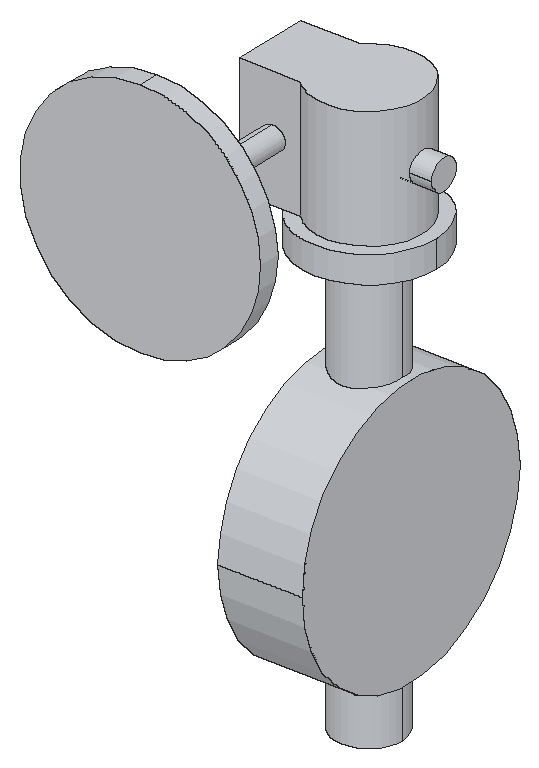
Revit family "HS497-67_disk-litina-převodové kolo DN125-RFA_2019", category Pipe Accessories, Revit 2019
Family settings
  Round Connector Dimension = Use Diameter
  Part Type = Valve - Breaks Into
  Work Plane-Based = No
  Always vertical = Yes
  Cut with Voids When Loaded = No
  Shared = No
Parameters (values of type "HS 497-67_DN125_PN16_převodové kolo")
  magiProductId = "c56b7c13f372467684996fb1e0e229"
  magiProductFamilyId = "53cea81e6f374d17b8841d9c72ad77"
  magiPartTypeId = 305
  isMeasuringValve [instance] = no
  ang2D [instance] = 0.00°
  X11 = 61.456 mm
  X1 = 25.456 mm
  W2D = 1000 mm
  VersionID = "2.0/2017.9.26.1/ZETKAMA_497_001"
  Use Minimum Symbol Size [instance] = yes
  URL = "http://www.hydronic.cz"
  Type Comments = "mezipřírubová; litinový disk; PN16; -10~+110°C (krátkodobě +120°C)"
  SW30 = yes
  SW3 = yes
  SW21 = no
  SW20 = no
  SW2 = no
  SW1 = no
  R = 62.5 mm
  QmdConnectorList = "301;D;302;D"
  Productdata [instance] = ""
  NC = 50 mm
  Model = ""
  Manufacturer = "Hydronic Systems Prague s.r.o."
  MM20 = 25.456 mm
  MC Product Code = "125 125 (litinový disk, s převodovým kolem; DN125; PN16, kvs872)"
  M41 = 65.25 mm
  M4 = 43.5 mm
  LHL = 220 mm
  LHH3 = 2.45 mm
  LHH1 = 46.55 mm
  LH1 = 73.333 mm
  L4R__ve = -L4R  # -13.5 mm
  L4R = 13.5 mm
  L42__ve = -L42  # -101.25 mm
  L42 = 101.25 mm
  L41__ve = -L41  # -20.25 mm
  L41 = 20.25 mm
  L2D_Min = 3048 mm
  L2D = 216 mm
  L2 = 28 mm
  L1 = 44.8 mm
  L = 56 mm
  H = 33 mm
  G22 = 11.25 mm
  G2 = 22.5 mm
  G1 = 90 mm
  G = 90 mm
  F = 14 mm
  E44 = 40 mm
  E42 = 80 mm
  E4 = 160 mm
  E23 = 4.9 mm
  E22 = 19.6 mm
  E21 = 9.8 mm
  Description = "Mezipřírubová uzavírací klapka s převodovým kolem; litinový disk, DN125; PN16; kvs872"
  DR2 = 62.5 mm
  DR = 180 mm
  DD1 = 20 mm
  DD = 16 mm
  D = 125 mm
  CAT0 = yes
  B2__ve = -B2  # -64 mm
  B2 = 64 mm
  A2 = 18 mm
  A1 = 99.5 mm
Types (43, lengths in mm): name | magiProductId | X11 | X1 | Type Comments | SW30 | SW3 | SW20 | SW2 | SW1 | R | NC | MM20 | MC Product Code | M41 | M4 | LHL | LHH3 | LHH1 | LH1 | L4R__ve | L4R | L42__ve | L42 | L41__ve | L41 | L2 | L1 | L | H | G | F | E44 | E42 | E4 | E23 | E22 | E21 | Description | DR2 | DR | DD1 | DD | D | B2__ve | B2 | A2 | A1
  HS 497-67_DN100_PN16_volné vřeteno | "65d1b245f4f142c78569c0602d5754" | 61.456 | 25.456 | "mezipřírubová; litinový disk; PN16; -10~+110°C (krátkodobě +120°C)" | no | no | no | no | yes | 50 | 50 | 25.456 | "123 100 (litinový disk, s volným vřetenem; DN100; PN16, kvs512)" | 66 | 44 | 220 | 2.45 | 46.55 | 73.333 | -12.8 | 12.8 | -96 | 96 | -19.2 | 19.2 | 26 | 41.6 | 52 | 30 | 90 | 11 | 31.25 | 62.5 | 125 | 4.9 | 19.6 | 9.8 | "Mezipřírubová uzavírací klapka s volným vřetenem; litinový disk, DN100; PN16; kvs512" | 50 | 147 | 15.625 | 12.5 | 100 | -56 | 56 | 16.5 | 98.5
  HS 497-67_DN100_PN16_převodové kolo | "11e91b807e674d428c8e796fcdcfe2" | 61.456 | 25.456 | "mezipřírubová; litinový disk; PN16; -10~+110°C (krátkodobě +120°C)" | yes | yes | no | no | no | 50 | 50 | 25.456 | "125 100 (litinový disk, s převodovým kolem; DN100; PN16, kvs512)" | 65.25 | 43.5 | 220 | 2.45 | 46.55 | 73.333 | -12.8 | 12.8 | -96 | 96 | -19.2 | 19.2 | 26 | 41.6 | 52 | 30 | 90 | 11 | 31.25 | 62.5 | 125 | 4.9 | 19.6 | 9.8 | "Mezipřírubová uzavírací klapka s převodovým kolem; litinový disk, DN100; PN16; kvs512" | 50 | 147 | 15.625 | 12.5 | 100 | -56 | 56 | 16.5 | 98.5
  HS 497-67_DN100_PN16_s pákou | "28172f0b3f4b47b28323ac71cf8749" | 61.456 | 25.456 | "mezipřírubová; litinový disk; PN16; -10~+110°C (krátkodobě +120°C)" | no | no | yes | yes | no | 50 | 50 | 25.456 | "120 100 (litinový disk, s pákou; DN100; PN16, kvs512)" | 66 | 44 | 260 | 3 | 57 | 86.667 | -12.8 | 12.8 | -96 | 96 | -19.2 | 19.2 | 26 | 41.6 | 52 | 30 | 90 | 11 | 31.25 | 62.5 | 125 | 6 | 24 | 12 | "Mezipřírubová uzavírací klapka s pákou; litinový disk, DN100; PN16; kvs512" | 50 | 147 | 15.625 | 12.5 | 100 | -56 | 56 | 16.5 | 98.5
  HS 497-67_DN125_PN16_volné vřeteno | "0d813d910fc14f628bb3c2efbd185c" | 61.456 | 25.456 | "mezipřírubová; litinový disk; PN16; -10~+110°C (krátkodobě +120°C)" | no | no | no | no | yes | 62.5 | 50 | 25.456 | "123 125 (litinový disk, s volným vřetenem; DN125; PN16, kvs872)" | 66 | 44 | 220 | 2.45 | 46.55 | 73.333 | -12.8 | 12.8 | -96 | 96 | -19.2 | 19.2 | 28 | 44.8 | 56 | 33 | 90 | 14 | 31.25 | 62.5 | 125 | 4.9 | 19.6 | 9.8 | "Mezipřírubová uzavírací klapka s volným vřetenem; litinový disk, DN125; PN16; kvs872" | 62.5 | 180 | 15.625 | 12.5 | 125 | -64 | 64 | 18 | 99.5
  HS 497-67_DN125_PN16_převodové kolo | "c56b7c13f372467684996fb1e0e229" | 61.456 | 25.456 | "mezipřírubová; litinový disk; PN16; -10~+110°C (krátkodobě +120°C)" | yes | yes | no | no | no | 62.5 | 50 | 25.456 | "125 125 (litinový disk, s převodovým kolem; DN125; PN16, kvs872)" | 65.25 | 43.5 | 220 | 2.45 | 46.55 | 73.333 | -13.5 | 13.5 | -101.25 | 101.25 | -20.25 | 20.25 | 28 | 44.8 | 56 | 33 | 90 | 14 | 40 | 80 | 160 | 4.9 | 19.6 | 9.8 | "Mezipřírubová uzavírací klapka s převodovým kolem; litinový disk, DN125; PN16; kvs872" | 62.5 | 180 | 20 | 16 | 125 | -64 | 64 | 18 | 99.5
  HS 497-67_DN125_PN16_s pákou | "105993c79a91492399feef7931321a" | 61.456 | 25.456 | "mezipřírubová; litinový disk; PN16; -10~+110°C (krátkodobě +120°C)" | no | no | yes | yes | no | 62.5 | 50 | 25.456 | "120 125 (litinový disk, s pákou; DN125; PN16, kvs872)" | 66 | 44 | 315 | 3.75 | 71.25 | 105 | -12.8 | 12.8 | -96 | 96 | -19.2 | 19.2 | 28 | 44.8 | 56 | 33 | 90 | 14 | 31.25 | 62.5 | 125 | 7.5 | 30 | 15 | "Mezipřírubová uzavírací klapka s pákou; litinový disk, DN125; PN16; kvs872" | 62.5 | 180 | 15.625 | 12.5 | 125 | -64 | 64 | 18 | 99.5
  HS 497-67_DN150_PN16_volné vřeteno | "50c80cb8ab434f55ab7796e5ac1331" | 61.456 | 25.456 | "mezipřírubová; litinový disk; PN16; -10~+110°C (krátkodobě +120°C)" | no | no | no | no | yes | 75 | 50 | 25.456 | "123 150 (litinový disk, s volným vřetenem; DN150; PN16, kvs1347)" | 66 | 44 | 220 | 2.45 | 46.55 | 73.333 | -12.8 | 12.8 | -96 | 96 | -19.2 | 19.2 | 28 | 44.8 | 56 | 33 | 90 | 14 | 31.25 | 62.5 | 125 | 4.9 | 19.6 | 9.8 | "Mezipřírubová uzavírací klapka s volným vřetenem; litinový disk, DN150; PN16; kvs1347" | 75 | 206 | 15.625 | 12.5 | 150 | -58 | 58 | 19.3 | 98.7
  HS 497-67_DN150_PN16_převodové kolo | "d94a1a0cf83b476eb10011b327f709" | 61.456 | 25.456 | "mezipřírubová; litinový disk; PN16; -10~+110°C (krátkodobě +120°C)" | yes | yes | no | no | no | 75 | 50 | 25.456 | "125 150 (litinový disk, s převodovým kolem; DN150; PN16, kvs1347)" | 65.25 | 43.5 | 220 | 2.45 | 46.55 | 73.333 | -13.5 | 13.5 | -101.25 | 101.25 | -20.25 | 20.25 | 28 | 44.8 | 56 | 33 | 90 | 14 | 40 | 80 | 160 | 4.9 | 19.6 | 9.8 | "Mezipřírubová uzavírací klapka s převodovým kolem; litinový disk, DN150; PN16; kvs1347" | 75 | 206 | 20 | 16 | 150 | -58 | 58 | 19.3 | 98.7
  HS 497-67_DN150_PN16_s pákou | "4d2835523fe84828bc50ff0a5a0dfb" | 61.456 | 25.456 | "mezipřírubová; litinový disk; PN16; -10~+110°C (krátkodobě +120°C)" | no | no | yes | yes | no | 75 | 50 | 25.456 | "120 150 (litinový disk, s pákou; DN150; PN16, kvs1347)" | 66 | 44 | 315 | 3.75 | 71.25 | 105 | -12.8 | 12.8 | -96 | 96 | -19.2 | 19.2 | 28 | 44.8 | 56 | 33 | 90 | 14 | 31.25 | 62.5 | 125 | 7.5 | 30 | 15 | "Mezipřírubová uzavírací klapka s pákou; litinový disk, DN150; PN16; kvs1347" | 75 | 206 | 15.625 | 12.5 | 150 | -58 | 58 | 19.3 | 98.7
  HS 497-67_DN200_PN16_volné vřeteno | "5b29029eaeba47139ee1055a4b9201" | 61.456 | 25.456 | "mezipřírubová; litinový disk; PN16; -10~+110°C (krátkodobě +120°C)" | no | no | no | no | yes | 100 | 50 | 25.456 | "123 200 (litinový disk, s volným vřetenem; DN200; PN16, kvs2675)" | 66 | 44 | 220 | 2.45 | 46.55 | 73.333 | -12.8 | 12.8 | -96 | 96 | -19.2 | 19.2 | 30 | 48 | 60 | 33 | 90 | 17 | 31.25 | 62.5 | 125 | 4.9 | 19.6 | 9.8 | "Mezipřírubová uzavírací klapka s volným vřetenem; litinový disk, DN200; PN16; kvs2675" | 100 | 257 | 15.625 | 12.5 | 200 | -70 | 70 | 22.5 | 102.5
  HS 497-67_DN200_PN16_převodové kolo | "b2793cc1fcc44cf2a35062cd67c04f" | 61.456 | 25.456 | "mezipřírubová; litinový disk; PN16; -10~+110°C (krátkodobě +120°C)" | yes | yes | no | no | no | 100 | 57 | 25.456 | "125 200 (litinový disk, s převodovým kolem; DN200; PN16, kvs2675)" | 78.75 | 52.5 | 220 | 2.45 | 46.55 | 73.333 | -15.2 | 15.2 | -114 | 114 | -22.8 | 22.8 | 30 | 48 | 60 | 33 | 90 | 17 | 50 | 100 | 200 | 4.9 | 19.6 | 9.8 | "Mezipřírubová uzavírací klapka s převodovým kolem; litinový disk, DN200; PN16; kvs2675" | 100 | 257 | 25 | 20 | 200 | -70 | 70 | 22.5 | 102.5
  HS 497-67_DN200_PN16_s pákou | "f88d96c7af224537a51e72d7d8fffe" | 61.456 | 25.456 | "mezipřírubová; litinový disk; PN16; -10~+110°C (krátkodobě +120°C)" | no | no | yes | yes | no | 100 | 50 | 25.456 | "120 200 (litinový disk, s pákou; DN200; PN16, kvs2675)" | 66 | 44 | 315 | 3.75 | 71.25 | 105 | -12.8 | 12.8 | -96 | 96 | -19.2 | 19.2 | 30 | 48 | 60 | 33 | 90 | 17 | 31.25 | 62.5 | 125 | 7.5 | 30 | 15 | "Mezipřírubová uzavírací klapka s pákou; litinový disk, DN200; PN16; kvs2675" | 100 | 257 | 15.625 | 12.5 | 200 | -70 | 70 | 22.5 | 102.5
  HS 497-67_DN250_PN16_volné vřeteno | "b662e8305ca2402b9c510e66e6aa55" | 88.77 | 36.77 | "mezipřírubová; litinový disk; PN16; -10~+110°C (krátkodobě +120°C)" | no | no | no | no | yes | 125 | 50 | 36.77 | "123 250 (litinový disk, s volným vřetenem; DN250; PN16, kvs4555)" | 66 | 44 | 220 | 2.45 | 46.55 | 73.333 | -12.8 | 12.8 | -96 | 96 | -19.2 | 19.2 | 34 | 54.4 | 68 | 23 | 130 | 22 | 31.25 | 62.5 | 125 | 4.9 | 19.6 | 9.8 | "Mezipřírubová uzavírací klapka s volným vřetenem; litinový disk, DN250; PN16; kvs4555" | 125 | 324 | 15.625 | 12.5 | 250 | -85 | 85 | 28.25 | 129.25
  HS 497-67_DN250_PN16_převodové kolo | "5ee9016806664ddfaa2632711f295c" | 88.77 | 36.77 | "mezipřírubová; litinový disk; PN16; -10~+110°C (krátkodobě +120°C)" | yes | yes | no | no | no | 125 | 70 | 36.77 | "125 250 (litinový disk, s převodovým kolem; DN250; PN16, kvs4555)" | 91.5 | 61 | 220 | 2.45 | 46.55 | 73.333 | -22.2 | 22.2 | -166.5 | 166.5 | -33.3 | 33.3 | 34 | 54.4 | 68 | 23 | 130 | 22 | 62.5 | 125 | 250 | 4.9 | 19.6 | 9.8 | "Mezipřírubová uzavírací klapka s převodovým kolem; litinový disk, DN250; PN16; kvs4555" | 125 | 324 | 31.25 | 25 | 250 | -85 | 85 | 28.25 | 129.25
  HS 497-67_DN300_PN16_volné vřeteno | "e1886f51ff004380a649519258edf2" | 88.77 | 36.77 | "mezipřírubová; litinový disk; PN16; -10~+110°C (krátkodobě +120°C)" | no | no | no | no | yes | 150 | 50 | 36.77 | "123 300 (litinový disk, s volným vřetenem; DN300; PN16, kvs7037)" | 66 | 44 | 220 | 2.45 | 46.55 | 73.333 | -12.8 | 12.8 | -96 | 96 | -19.2 | 19.2 | 39 | 62.4 | 78 | 23 | 130 | 22 | 31.25 | 62.5 | 125 | 4.9 | 19.6 | 9.8 | "Mezipřírubová uzavírací klapka s volným vřetenem; litinový disk, DN300; PN16; kvs7037" | 150 | 376 | 15.625 | 12.5 | 300 | -90 | 90 | 30.8 | 127.2
  HS 497-67_DN300_PN16_převodové kolo | "6860f094f77d42088fbebc3c97f755" | 88.77 | 36.77 | "mezipřírubová; litinový disk; PN16; -10~+110°C (krátkodobě +120°C)" | yes | yes | no | no | no | 150 | 70 | 36.77 | "125 300 (litinový disk, s převodovým kolem; DN300; PN16, kvs7037)" | 91.5 | 61 | 220 | 2.45 | 46.55 | 73.333 | -22.2 | 22.2 | -166.5 | 166.5 | -33.3 | 33.3 | 39 | 62.4 | 78 | 23 | 130 | 22 | 62.5 | 125 | 250 | 4.9 | 19.6 | 9.8 | "Mezipřírubová uzavírací klapka s převodovým kolem; litinový disk, DN300; PN16; kvs7037" | 150 | 376 | 31.25 | 25 | 300 | -90 | 90 | 30.8 | 127.2
  HS 497-67_DN032_PN16_volné vřeteno | "8c5f65de52aa4067a77564107e31b2" | 61.456 | 25.456 | "mezipřírubová; litinový disk; PN16; -10~+110°C (krátkodobě +120°C)" | no | no | no | no | yes | 16 | 50 | 25.456 | "123 032 (litinový disk, s volným vřetenem; DN32; PN16, kvs78)" | 66 | 44 | 220 | 2.45 | 46.55 | 73.333 | -12.8 | 12.8 | -96 | 96 | -19.2 | 19.2 | 16.5 | 26.4 | 33 | 30 | 90 | 11 | 31.25 | 62.5 | 125 | 4.9 | 19.6 | 9.8 | "Mezipřírubová uzavírací klapka s volným vřetenem; litinový disk, DN32; PN16; kvs78" | 16 | 68 | 15.625 | 12.5 | 32 | -44.2 | 44.2 | 10.25 | 76.25
  HS 497-67_DN032_PN16_převodové kolo | "60aaeffa8b3a4e809ef000e4660060" | 61.456 | 25.456 | "mezipřírubová; litinový disk; PN16; -10~+110°C (krátkodobě +120°C)" | yes | yes | no | no | no | 16 | 50 | 25.456 | "125 032 (litinový disk, s převodovým kolem; DN32; PN16, kvs78)" | 65.25 | 43.5 | 220 | 2.45 | 46.55 | 73.333 | -12.8 | 12.8 | -96 | 96 | -19.2 | 19.2 | 16.5 | 26.4 | 33 | 30 | 90 | 11 | 31.25 | 62.5 | 125 | 4.9 | 19.6 | 9.8 | "Mezipřírubová uzavírací klapka s převodovým kolem; litinový disk, DN32; PN16; kvs78" | 16 | 68 | 15.625 | 12.5 | 32 | -44.2 | 44.2 | 10.25 | 76.25
  HS 497-67_DN032_PN16_s pákou | "9ad8088d610749a1b871aa2aad8007" | 61.456 | 25.456 | "mezipřírubová; litinový disk; PN16; -10~+110°C (krátkodobě +120°C)" | no | no | yes | yes | no | 16 | 50 | 25.456 | "120 032 (litinový disk, s pákou; DN32; PN16, kvs78)" | 66 | 44 | 220 | 2.45 | 46.55 | 73.333 | -12.8 | 12.8 | -96 | 96 | -19.2 | 19.2 | 16.5 | 26.4 | 33 | 30 | 90 | 11 | 31.25 | 62.5 | 125 | 4.9 | 19.6 | 9.8 | "Mezipřírubová uzavírací klapka s pákou; litinový disk, DN32; PN16; kvs78" | 16 | 68 | 15.625 | 12.5 | 32 | -44.2 | 44.2 | 10.25 | 76.25
  HS 497-67_DN350_PN10_volné vřeteno | "72a1e05f22944421b7e9596a877137" | 109.255 | 45.255 | "mezipřírubová; litinový disk; PN10; -10~+110°C (krátkodobě +120°C)" | no | no | no | no | yes | 175 | 50 | 45.255 | "123 350 (litinový disk, s volným vřetenem; DN350; PN10, kvs10165)" | 66 | 44 | 220 | 2.45 | 46.55 | 73.333 | -12.8 | 12.8 | -96 | 96 | -19.2 | 19.2 | 39 | 62.4 | 78 | 31 | 160 | 22 | 31.25 | 62.5 | 125 | 4.9 | 19.6 | 9.8 | "Mezipřírubová uzavírací klapka s volným vřetenem; litinový disk, DN350; PN10; kvs10165" | 175 | 430 | 15.625 | 12.5 | 350 | -88 | 88 | 33.85 | 129.65
  HS 497-67_DN350_PN10_převodové kolo | "a5a01426cb28494ba3afca92f1dace" | 109.255 | 45.255 | "mezipřírubová; litinový disk; PN10; -10~+110°C (krátkodobě +120°C)" | yes | yes | no | no | no | 175 | 70 | 45.255 | "125 350 (litinový disk, s převodovým kolem; DN350; PN10, kvs10165)" | 91.5 | 61 | 220 | 2.45 | 46.55 | 73.333 | -22.2 | 22.2 | -166.5 | 166.5 | -33.3 | 33.3 | 39 | 62.4 | 78 | 31 | 160 | 22 | 62.5 | 125 | 250 | 4.9 | 19.6 | 9.8 | "Mezipřírubová uzavírací klapka s převodovým kolem; litinový disk, DN350; PN10; kvs10165" | 175 | 430 | 31.25 | 25 | 350 | -88 | 88 | 33.85 | 129.65
  HS 497-67_DN400_PN10_volné vřeteno | "c70ebeb927c04ab99b176e257ad0a7" | 109.255 | 45.255 | "mezipřírubová; litinový disk; PN10; -10~+110°C (krátkodobě +120°C)" | no | no | no | no | yes | 200 | 50 | 45.255 | "123 400 (litinový disk, s volným vřetenem; DN400; PN10, kvs13799)" | 66 | 44 | 220 | 2.45 | 46.55 | 73.333 | -12.8 | 12.8 | -96 | 96 | -19.2 | 19.2 | 51 | 81.6 | 102 | 31 | 160 | 27 | 31.25 | 62.5 | 125 | 4.9 | 19.6 | 9.8 | "Mezipřírubová uzavírací klapka s volným vřetenem; litinový disk, DN400; PN10; kvs13799" | 200 | 485 | 15.625 | 12.5 | 400 | -108 | 108 | 38 | 142
  HS 497-67_DN400_PN10_převodové kolo | "cc64a4384dcb41b780d81810f4f293" | 109.255 | 45.255 | "mezipřírubová; litinový disk; PN10; -10~+110°C (krátkodobě +120°C)" | yes | yes | no | no | no | 200 | 72.5 | 45.255 | "125 400 (litinový disk, s převodovým kolem; DN400; PN10, kvs13799)" | 103.5 | 69 | 220 | 2.45 | 46.55 | 73.333 | -27.8 | 27.8 | -208.5 | 208.5 | -41.7 | 41.7 | 51 | 81.6 | 102 | 31 | 160 | 27 | 75 | 150 | 300 | 4.9 | 19.6 | 9.8 | "Mezipřírubová uzavírací klapka s převodovým kolem; litinový disk, DN400; PN10; kvs13799" | 200 | 485 | 37.5 | 30 | 400 | -108 | 108 | 38 | 142
  HS 497-67_DN040_PN16_volné vřeteno | "35f92312390745e88df5b5c325d9ee" | 61.456 | 25.456 | "mezipřírubová; litinový disk; PN16; -10~+110°C (krátkodobě +120°C)" | no | no | no | no | yes | 20 | 50 | 25.456 | "123 040 (litinový disk, s volným vřetenem; DN40; PN16, kvs78)" | 66 | 44 | 220 | 2.45 | 46.55 | 73.333 | -12.8 | 12.8 | -96 | 96 | -19.2 | 19.2 | 16.5 | 26.4 | 33 | 30 | 90 | 11 | 31.25 | 62.5 | 125 | 4.9 | 19.6 | 9.8 | "Mezipřírubová uzavírací klapka s volným vřetenem; litinový disk, DN40; PN16; kvs78" | 20 | 76 | 15.625 | 12.5 | 40 | -36 | 36 | 11 | 79
  HS 497-67_DN040_PN16_převodové kolo | "d88e968eae3445bc9b7b4e6ff35127" | 61.456 | 25.456 | "mezipřírubová; litinový disk; PN16; -10~+110°C (krátkodobě +120°C)" | yes | yes | no | no | no | 20 | 50 | 25.456 | "125 040 (litinový disk, s převodovým kolem; DN40; PN16, kvs78)" | 65.25 | 43.5 | 220 | 2.45 | 46.55 | 73.333 | -12.8 | 12.8 | -96 | 96 | -19.2 | 19.2 | 16.5 | 26.4 | 33 | 30 | 90 | 11 | 31.25 | 62.5 | 125 | 4.9 | 19.6 | 9.8 | "Mezipřírubová uzavírací klapka s převodovým kolem; litinový disk, DN40; PN16; kvs78" | 20 | 76 | 15.625 | 12.5 | 40 | -36 | 36 | 11 | 79
  HS 497-67_DN040_PN16_s pákou | "c1b522ca65b4407a98818f232eaacb" | 61.456 | 25.456 | "mezipřírubová; litinový disk; PN16; -10~+110°C (krátkodobě +120°C)" | no | no | yes | yes | no | 20 | 50 | 25.456 | "120 040 (litinový disk, s pákou; DN40; PN16, kvs78)" | 66 | 44 | 220 | 2.45 | 46.55 | 73.333 | -12.8 | 12.8 | -96 | 96 | -19.2 | 19.2 | 16.5 | 26.4 | 33 | 30 | 90 | 11 | 31.25 | 62.5 | 125 | 4.9 | 19.6 | 9.8 | "Mezipřírubová uzavírací klapka s pákou; litinový disk, DN40; PN16; kvs78" | 20 | 76 | 15.625 | 12.5 | 40 | -36 | 36 | 11 | 79
  HS 497-67_DN450_PN10_volné vřeteno | "a8358bc282f14872b3194e530e590a" | 129.74 | 53.74 | "mezipřírubová; litinový disk; PN10; -10~+110°C (krátkodobě +120°C)" | no | no | no | no | yes | 225 | 50 | 53.74 | "123 450 (litinový disk, s volným vřetenem; DN450; PN10, kvs18514)" | 66 | 44 | 220 | 2.45 | 46.55 | 73.333 | -12.8 | 12.8 | -96 | 96 | -19.2 | 19.2 | 57 | 91.2 | 114 | 38 | 190 | 36 | 31.25 | 62.5 | 125 | 4.9 | 19.6 | 9.8 | "Mezipřírubová uzavírací klapka s volným vřetenem; litinový disk, DN450; PN10; kvs18514" | 225 | 536 | 15.625 | 12.5 | 450 | -115 | 115 | 38.05 | 117.45
  HS 497-67_DN450_PN10_převodové kolo | "cdf2d80f54a9414f9cbe50647c0ebd" | 129.74 | 53.74 | "mezipřírubová; litinový disk; PN10; -10~+110°C (krátkodobě +120°C)" | yes | yes | no | no | no | 225 | 91.5 | 53.74 | "125 450 (litinový disk, s převodovým kolem; DN450; PN10, kvs18514)" | 144.75 | 96.5 | 220 | 2.45 | 46.55 | 73.333 | -32.1 | 32.1 | -240.75 | 240.75 | -48.15 | 48.15 | 57 | 91.2 | 114 | 38 | 190 | 36 | 100 | 200 | 400 | 4.9 | 19.6 | 9.8 | "Mezipřírubová uzavírací klapka s převodovým kolem; litinový disk, DN450; PN10; kvs18514" | 225 | 536 | 50 | 40 | 450 | -115 | 115 | 38.05 | 117.45
  HS 497-67_DN500_PN10_volné vřeteno | "8c396e27bb2743f98f3c762b6517cd" | 143.397 | 59.397 | "mezipřírubová; litinový disk; PN10; -10~+110°C (krátkodobě +120°C)" | no | no | no | no | yes | 250 | 50 | 59.397 | "123 500 (litinový disk, s volným vřetenem; DN500; PN10, kvs23805)" | 66 | 44 | 220 | 2.45 | 46.55 | 73.333 | -12.8 | 12.8 | -96 | 96 | -19.2 | 19.2 | 63.5 | 101.6 | 127 | 38 | 210 | 36 | 31.25 | 62.5 | 125 | 4.9 | 19.6 | 9.8 | "Mezipřírubová uzavírací klapka s volným vřetenem; litinový disk, DN500; PN10; kvs23805" | 250 | 593 | 15.625 | 12.5 | 500 | -130 | 130 | 43.25 | 139.25
  HS 497-67_DN500_PN10_převodové kolo | "7647804f32e94cef828a7034a91a46" | 143.397 | 59.397 | "mezipřírubová; litinový disk; PN10; -10~+110°C (krátkodobě +120°C)" | yes | yes | no | no | no | 250 | 91.5 | 59.397 | "125 500 (litinový disk, s převodovým kolem; DN500; PN10, kvs23805)" | 144.75 | 96.5 | 220 | 2.45 | 46.55 | 73.333 | -32.1 | 32.1 | -240.75 | 240.75 | -48.15 | 48.15 | 63.5 | 101.6 | 127 | 38 | 210 | 36 | 100 | 200 | 400 | 4.9 | 19.6 | 9.8 | "Mezipřírubová uzavírací klapka s převodovým kolem; litinový disk, DN500; PN10; kvs23805" | 250 | 593 | 50 | 40 | 500 | -130 | 130 | 43.25 | 139.25
  HS 497-67_DN050_volné vřeteno | "d71f296ecd6d4adf8f6e5d9853b4e0" | 61.456 | 25.456 | "mezipřírubová; litinový disk; PN16; -10~+110°C (krátkodobě +120°C)" | no | no | no | no | yes | 25 | 50 | 25.456 | "123 050 (litinový disk, s volným vřetenem; DN50; PN16, kvs98)" | 66 | 44 | 220 | 2.45 | 46.55 | 73.333 | -12.8 | 12.8 | -96 | 96 | -19.2 | 19.2 | 21.5 | 34.4 | 43 | 30 | 90 | 11 | 31.25 | 62.5 | 125 | 4.9 | 19.6 | 9.8 | "Mezipřírubová uzavírací klapka s volným vřetenem; litinový disk, DN50; PN16; kvs98" | 25 | 100 | 15.625 | 12.5 | 50 | -36.5 | 36.5 | 12 | 83
  HS 497-67_DN050_PN16_převodové kolo | "2fb080deeaed49c58418b94c1da5a4" | 61.456 | 25.456 | "mezipřírubová; litinový disk; PN16; -10~+110°C (krátkodobě +120°C)" | yes | yes | no | no | no | 25 | 50 | 25.456 | "125 050 (litinový disk, s převodovým kolem; DN50; PN16, kvs98)" | 65.25 | 43.5 | 220 | 2.45 | 46.55 | 73.333 | -12.8 | 12.8 | -96 | 96 | -19.2 | 19.2 | 21.5 | 34.4 | 43 | 30 | 90 | 11 | 31.25 | 62.5 | 125 | 4.9 | 19.6 | 9.8 | "Mezipřírubová uzavírací klapka s převodovým kolem; litinový disk, DN50; PN16; kvs98" | 25 | 100 | 15.625 | 12.5 | 50 | -36.5 | 36.5 | 12 | 83
  HS 497-67_DN050_PN16_s pákou | "dabc632061f94877a994b9b4e68112" | 61.456 | 25.456 | "mezipřírubová; litinový disk; PN16; -10~+110°C (krátkodobě +120°C)" | no | no | yes | yes | no | 25 | 50 | 25.456 | "120 050 (litinový disk, s pákou; DN50; PN16, kvs98)" | 66 | 44 | 220 | 2.45 | 46.55 | 73.333 | -12.8 | 12.8 | -96 | 96 | -19.2 | 19.2 | 21.5 | 34.4 | 43 | 30 | 90 | 11 | 31.25 | 62.5 | 125 | 4.9 | 19.6 | 9.8 | "Mezipřírubová uzavírací klapka s pákou; litinový disk, DN50; PN16; kvs98" | 25 | 100 | 15.625 | 12.5 | 50 | -36.5 | 36.5 | 12 | 83
  HS 497-67_DN600_PN10_volné vřeteno | "99d5892c14664fce81a7c5903f7711" | 143.397 | 59.397 | "mezipřírubová; litinový disk; PN10; -10~+110°C (krátkodobě +120°C)" | no | no | no | no | yes | 300 | 50 | 59.397 | "123 600 (litinový disk, s volným vřetenem; DN600; PN10, kvs36778)" | 66 | 44 | 220 | 2.45 | 46.55 | 73.333 | -12.8 | 12.8 | -96 | 96 | -19.2 | 19.2 | 77 | 123.2 | 154 | 80 | 210 | 60 | 31.25 | 62.5 | 125 | 4.9 | 19.6 | 9.8 | "Mezipřírubová uzavírací klapka s volným vřetenem; litinový disk, DN600; PN10; kvs36788" | 300 | 690 | 15.625 | 12.5 | 600 | -140 | 140 | 49.4 | 144.6
  HS 497-67_DN600_PN10_převodové kolo | "b1e26faab48a4c499f6bb11e7e3002" | 143.397 | 59.397 | "mezipřírubová; litinový disk; PN10; -10~+110°C (krátkodobě +120°C)" | yes | yes | no | no | no | 300 | 140 | 59.397 | "125 600 (litinový disk, s převodovým kolem; DN600; PN10, kvs36778)" | 206.25 | 137.5 | 220 | 2.45 | 46.55 | 73.333 | -40.8 | 40.8 | -306 | 306 | -61.2 | 61.2 | 77 | 123.2 | 154 | 80 | 210 | 60 | 125 | 250 | 500 | 4.9 | 19.6 | 9.8 | "Mezipřírubová uzavírací klapka s převodovým kolem; litinový disk, DN600; PN10; kvs36788" | 300 | 690 | 62.5 | 50 | 600 | -140 | 140 | 49.4 | 144.6
  HS 497-67_DN065_PN16_volné vřeteno | "5e5e208646e34ec29f889baab5d08e" | 61.456 | 25.456 | "mezipřírubová; litinový disk; PN16; -10~+110°C (krátkodobě +120°C)" | no | no | no | no | yes | 32.5 | 50 | 25.456 | "123 065 (litinový disk, s volným vřetenem; DN65; PN16, kvs167)" | 66 | 44 | 220 | 2.45 | 46.55 | 73.333 | -12.8 | 12.8 | -96 | 96 | -19.2 | 19.2 | 23 | 36.8 | 46 | 30 | 90 | 11 | 31.25 | 62.5 | 125 | 4.9 | 19.6 | 9.8 | "Mezipřírubová uzavírací klapka s volným vřetenem; litinový disk, DN65; PN16; kv167" | 32.5 | 108 | 15.625 | 12.5 | 65 | -36.5 | 36.5 | 13.5 | 89
  HS 497-67_DN065_PN16_převodové kolo | "654d74c8d15540b0bfe523d988ccb3" | 61.456 | 25.456 | "mezipřírubová; litinový disk; PN16; -10~+110°C (krátkodobě +120°C)" | yes | yes | no | no | no | 32.5 | 50 | 25.456 | "125 065 (litinový disk, s převodovým kolem; DN65; PN16, kvs167)" | 65.25 | 43.5 | 220 | 2.45 | 46.55 | 73.333 | -12.8 | 12.8 | -96 | 96 | -19.2 | 19.2 | 23 | 36.8 | 46 | 30 | 90 | 11 | 31.25 | 62.5 | 125 | 4.9 | 19.6 | 9.8 | "Mezipřírubová uzavírací klapka s převodovým kolem; litinový disk, DN65; PN16; kvs167" | 32.5 | 108 | 15.625 | 12.5 | 65 | -36.5 | 36.5 | 13.5 | 89
  HS 497-67_DN065_PN16_s pákou | "ebeb4b59db0641caaf6d6635ab37b9" | 61.456 | 25.456 | "mezipřírubová; litinový disk; PN16; -10~+110°C (krátkodobě +120°C)" | no | no | yes | yes | no | 32.5 | 50 | 25.456 | "120 065 (litinový disk, s pákou; DN65; PN16, kvs167)" | 66 | 44 | 220 | 2.45 | 46.55 | 73.333 | -12.8 | 12.8 | -96 | 96 | -19.2 | 19.2 | 23 | 36.8 | 46 | 30 | 90 | 11 | 31.25 | 62.5 | 125 | 4.9 | 19.6 | 9.8 | "Mezipřírubová uzavírací klapka s pákou; litinový disk, DN65; PN16; kvs167" | 32.5 | 108 | 15.625 | 12.5 | 65 | -36.5 | 36.5 | 13.5 | 89
  HS 497-67_DN080_PN16_volné vřeteno | "9e85c75c18654e1185a9c48ed6b00e" | 61.456 | 25.456 | "mezipřírubová; litinový disk; PN16; -10~+110°C (krátkodobě +120°C)" | no | no | no | no | yes | 40 | 50 | 25.456 | "123 080 (litinový disk, s volným vřetenem; DN80; PN16, kvs258)" | 66 | 44 | 220 | 2.45 | 46.55 | 73.333 | -12.8 | 12.8 | -96 | 96 | -19.2 | 19.2 | 23 | 36.8 | 46 | 30 | 90 | 11 | 31.25 | 62.5 | 125 | 4.9 | 19.6 | 9.8 | "Mezipřírubová uzavírací klapka s volným vřetenem; litinový disk, DN80; PN16; kvs258" | 40 | 124 | 15.625 | 12.5 | 80 | -54 | 54 | 14.1 | 86.9
  HS 497-67_DN080_PN16_převodové kolo | "5b3c8238c3d041e68c75b199e7ea46" | 61.456 | 25.456 | "mezipřírubová; litinový disk; PN16; -10~+110°C (krátkodobě +120°C)" | yes | yes | no | no | no | 40 | 50 | 25.456 | "125 080 (litinový disk, s převodovým kolem; DN80; PN16, kvs258)" | 65.25 | 43.5 | 220 | 2.45 | 46.55 | 73.333 | -12.8 | 12.8 | -96 | 96 | -19.2 | 19.2 | 23 | 36.8 | 46 | 30 | 90 | 11 | 31.25 | 62.5 | 125 | 4.9 | 19.6 | 9.8 | "Mezipřírubová uzavírací klapka s převodovým kolem; litinový disk, DN80; PN16; kvs258" | 40 | 124 | 15.625 | 12.5 | 80 | -54 | 54 | 14.1 | 86.9
  HS 497-67_DN080_PN16_s pákou | "e414795fab0f4eccb99bc3572c5477" | 61.456 | 25.456 | "mezipřírubová; litinový disk; PN16; -10~+110°C (krátkodobě +120°C)" | no | no | yes | yes | no | 40 | 50 | 25.456 | "120 080 (litinový disk, s pákou; DN80; PN16, kvs258)" | 66 | 44 | 260 | 3 | 57 | 86.667 | -12.8 | 12.8 | -96 | 96 | -19.2 | 19.2 | 23 | 36.8 | 46 | 30 | 90 | 11 | 31.25 | 62.5 | 125 | 6 | 24 | 12 | "Mezipřírubová uzavírací klapka s pákou; litinový disk, DN80; PN16; kvs258" | 40 | 124 | 15.625 | 12.5 | 80 | -54 | 54 | 14.1 | 86.9
  HS 497-67_DN250_PN16_s pákou | "" | 88.77 | 36.77 | "mezipřírubová; litinový disk; PN16; -10~+110°C (krátkodobě +120°C)" | no | no | yes | yes | no | 125 | 70 | 36.77 | "120 250 (litinový disk, s pákou; DN250; PN16, kvs4555)" | 91.5 | 61 | 220 | 2.45 | 46.55 | 73.333 | -22.2 | 22.2 | -166.5 | 166.5 | -33.3 | 33.3 | 34 | 54.4 | 68 | 23 | 130 | 22 | 62.5 | 125 | 250 | 4.9 | 19.6 | 9.8 | "Mezipřírubová uzavírací klapka s pákou; litinový disk, DN250; PN16; kvs4555" | 125 | 324 | 31.25 | 25 | 250 | -85 | 85 | 28.25 | 129.25
  HS 497-67_DN300_PN16_s pákou | "" | 88.77 | 36.77 | "mezipřírubová; litinový disk; PN16; -10~+110°C (krátkodobě +120°C)" | no | no | yes | yes | no | 150 | 70 | 36.77 | "120 300 (litinový disk, s pákou; DN300; PN16, kvs7037)" | 91.5 | 61 | 220 | 2.45 | 46.55 | 73.333 | -22.2 | 22.2 | -166.5 | 166.5 | -33.3 | 33.3 | 39 | 62.4 | 78 | 23 | 130 | 22 | 62.5 | 125 | 250 | 4.9 | 19.6 | 9.8 | "Mezipřírubová uzavírací klapka s pákou; litinový disk, DN300; PN16; kvs7037" | 150 | 376 | 31.25 | 25 | 300 | -90 | 90 | 30.8 | 127.2
Reference planes
  plane 1 "Center (Front/Back)": y = 0
  plane 2 "XYPLANE": z = 0
  plane 3 "Center (Left/Right)": x = 0
  plane 4 "473": x = -25.456
  plane 5 "472": x = -65.25
  plane 6 "471": y = -25.456
  plane 7 "470": y = 25.456
  plane 8 "469": x = -43.5
  plane 9 "468": y = -121.5
  plane 10 "467": y = -101.25
  plane 11 "466": z = 220
  plane 12 "465": z = 226.55
  plane 13 "464": y = 145.417
  plane 14 "463": z = 216.75
  plane 15 "462": z = 199.6
  plane 16 "461": z = 209.4
  plane 17 "460": y = 72.083
  plane 18 "459": x = -11.25
  plane 19 "458": x = 11.25
  plane 20 "457": y = -6.25
  plane 21 "456": x = -17.5
  plane 22 "455": x = 17.5
  plane 23 "454": z = 214.3
  plane 24 "453": y = 62.083
  plane 25 "452": y = -11.25
  plane 26 "451": x = -22.5
  plane 27 "450": x = 22.5
  plane 28 "449": z = 194.7
  plane 29 "448": z = 189.8
  plane 30 "447": z = -62.5
  plane 31 "446": z = 180
  plane 32 "445": z = 162
  plane 33 "444": z = 62.5
  plane 34 "443": x = 28
  plane 35 "442": x = -28
  plane 36 "441": z = 0
  plane 37 "440": y = 0
  plane 38 "439": x = 0
  plane 39 "438": z = 229
  plane 40 "437": z = 214.3
  plane 41 "436": x = 13.7
  plane 42 "435": x = -13.7
  plane 43 "434": y = 220
Forms (mm)
  Extrusion 1, solid, visible <- "SW3"
    sketch origin (-750, 0, 180) x (1, 0, 0) y (0, 1, 0)
      loop
        line (684.75, 25.456) -> (684.75, -25.456) -> (724.544, -25.456)
        arc (724.544, -25.456) -> (786, 0) -> (724.544, 25.456) r 36
        line (724.544, 25.456) -> (684.75, 25.456)
    from 0 to 80 <- "E42"
  Extrusion 2, solid, visible <- "SW30"
    sketch origin (0, -750, 0) x (0, 1, 0) y (0, 0, 1)
      loop
        circle (750, 220) r 10
    from 0 to 50 <- "NC"
  Extrusion 3, solid, visible <- "SW30"
    sketch origin (750, -121.5, 0) x (-1, 0, 0) y (0, 0, 1)
      loop
        circle (793.5, 220) r 80
    from 0 to -13.5 <- "L4R__ve"
  Extrusion 4, solid, visible <- "SW3"
    sketch origin (750, -101.25, 0) x (-1, 0, 0) y (0, 0, 1)
      loop
        circle (793.5, 220) r 10
    from 0 to -20.25 <- "L41__ve"
  Extrusion 5, solid, visible <- "SW30"
    sketch origin (750, 0, 0) x (-1, 0, 0) y (0, 0, 1)
      loop
        circle (793.5, 220) r 8
    from 0 to -101.25 <- "L42__ve"
  Blend 6, solid, visible <- "SW21"
    base sketch origin (750, 72.083, 0) x (-1, 0, 0) y (0, 0, 1)
      loop
        line (761.25, 209.4) -> (738.75, 209.4) -> (738.75, 199.6) -> (761.25, 199.6) -> (761.25, 209.4)
    top sketch origin (750, 72.083, 0) x (-1, 0, 0) y (0, 0, 1)
      loop
        line (761.25, 226.55) -> (738.75, 226.55) -> (738.75, 216.75) -> (761.25, 216.75) -> (761.25, 226.55)
    from 0 to 73.333
  Blend 7, solid, visible <- "SW21"
    base sketch origin (750, 62.083, 0) x (-1, 0, 0) y (0, 0, 1)
      loop
        line (761.25, 214.3) -> (738.75, 214.3) -> (738.75, 194.7) -> (761.25, 194.7) -> (761.25, 214.3)
    top sketch origin (750, 62.083, 0) x (-1, 0, 0) y (0, 0, 1)
      loop
        line (761.25, 209.4) -> (738.75, 209.4) -> (738.75, 199.6) -> (761.25, 199.6) -> (761.25, 209.4)
    from 0 to 10
  Blend 8, solid, visible <- "SW21"
    base sketch origin (-750, 0, 194.7) x (1, 0, 0) y (0, 1, 0)
      loop
        line (772.5, 62.083) -> (727.5, 62.083) -> (727.5, -11.25)
        arc (727.5, -11.25) -> (750, -31.25) -> (772.5, -11.25) r 22.656
        line (772.5, -11.25) -> (772.5, 62.083)
    top sketch origin (-750, 0, 194.7) x (1, 0, 0) y (0, 1, 0)
      loop
        line (767.5, 62.083) -> (732.5, 62.083) -> (732.5, -6.25)
        arc (732.5, -6.25) -> (750, -26.25) -> (767.5, -6.25) r 17.656
        line (767.5, -6.25) -> (767.5, 62.083)
    from 0 to 19.6
  Extrusion 9, solid, visible <- "SW2"
    sketch origin (-750, 0, 189.8) x (1, 0, 0) y (0, 1, 0)
      loop
        circle (750, 0) r 11.25
    from 0 to 4.9 <- "E23"
  Extrusion 10, solid, visible <- "SW2"
    sketch origin (-750, 0, 180) x (1, 0, 0) y (0, 1, 0)
      loop
        circle (750, 0) r 45
    from 0 to 9.8 <- "E21"
  Extrusion 11, solid, visible <- "CAT0"
    sketch origin (-750, 0, -62.5) x (1, 0, 0) y (0, 1, 0)
      loop
        circle (750, 0) r 22.4
    from 0 to -64 <- "B2__ve"
  Extrusion 12, solid, visible <- "CAT0"
    sketch origin (-750, 0, 162) x (1, 0, 0) y (0, 1, 0)
      loop
        circle (750, 0) r 45
    from 0 to 18 <- "A2"
  Extrusion 13, solid, visible <- "CAT0"
    sketch origin (-750, 0, 62.5) x (1, 0, 0) y (0, 1, 0)
      loop
        circle (750, 0) r 22.4
    from 0 to 99.5 <- "A1"
  Extrusion 14, solid, visible <- "CAT0"
    sketch origin (-28, -750, 0) x (0, 1, 0) y (0, 0, 1)
      loop
        circle (750, 0) r 90
    from 0 to 56 <- "L"
  Extrusion 15, solid, visible <- "SW1"
    sketch origin (-750, 0, 180) x (1, 0, 0) y (0, 1, 0)
      loop
        line (757, 7) -> (743, 7) -> (743, -7) -> (757, -7) -> (757, 7)
    from 0 to 33 <- "H"
  Blend 16, solid, visible <- "SW2"
    base sketch origin (750, 145.417, 0) x (-1, 0, 0) y (0, 0, 1)
      loop
        arc (763.7, 224) -> (762.236, 227.536) -> (758.7, 229) r 5
        line (758.7, 229) -> (741.3, 229)
        arc (741.3, 229) -> (737.764, 227.536) -> (736.3, 224) r 5
        line (736.3, 224) -> (736.3, 219.3)
        arc (736.3, 219.3) -> (737.764, 215.764) -> (741.3, 214.3) r 5
        line (741.3, 214.3) -> (758.7, 214.3)
        arc (758.7, 214.3) -> (762.236, 215.764) -> (763.7, 219.3) r 5
        line (763.7, 219.3) -> (763.7, 224)
    top sketch origin (750, 145.417, 0) x (-1, 0, 0) y (0, 0, 1)
      loop
        arc (763.7, 224) -> (762.236, 227.536) -> (758.7, 229) r 5
        line (758.7, 229) -> (741.3, 229)
        arc (741.3, 229) -> (737.764, 227.536) -> (736.3, 224) r 5
        line (736.3, 224) -> (736.3, 219.3)
        arc (736.3, 219.3) -> (737.764, 215.764) -> (741.3, 214.3) r 5
        line (741.3, 214.3) -> (758.7, 214.3)
        arc (758.7, 214.3) -> (762.236, 215.764) -> (763.7, 219.3) r 5
        line (763.7, 219.3) -> (763.7, 224)
    from 0 to 74.583
  Blend 17, solid, visible <- "SW20"
    base sketch origin (750, 145.417, 0) x (-1, 0, 0) y (0, 0, 1)
      loop
        line (763.7, 229) -> (736.3, 229) -> (736.3, 214.3) -> (763.7, 214.3) -> (763.7, 229)
    top sketch origin (750, 145.417, 0) x (-1, 0, 0) y (0, 0, 1)
      loop
        line (761.25, 214.3) -> (738.75, 214.3) -> (738.75, 194.7) -> (761.25, 194.7) -> (761.25, 214.3)
    from 0 to -83.333
  Extrusion 18, solid, visible <- "SW20"
    sketch origin (-750, 0, 194.7) x (1, 0, 0) y (0, 1, 0)
      loop
        line (772.5, 62.083) -> (727.5, 62.083) -> (727.5, -11.25)
        arc (727.5, -11.25) -> (750, -31.25) -> (772.5, -11.25) r 22.656
        line (772.5, -11.25) -> (772.5, 62.083)
    from 0 to 19.6 <- "E22"
  Extrusion 19, solid, not visible
    sketch origin (-28, -750, 0) x (0, 1, 0) y (0, 0, 1)
      loop
        circle (750, 0) r 10
    from 0 to 10
  Extrusion 20, solid, not visible
    sketch origin (28, -750, 0) x (0, 1, 0) y (0, 0, 1)
      loop
        circle (750, 0) r 10
    from 0 to -10
Lines and regions (mm)
  reference lines, not visible
    curve 1: circle (2, 2, 0) r 1 normal (0, 0, 1)
  reference lines
    curve 2: line (-25.456, -25.456, 180) -> (-25.456, 25.456, 180)
    curve 3: line (-17.5, -6.25, 194.7) -> (17.5, -6.25, 194.7)
    curve 4: line (-22.5, -11.25, 194.7) -> (22.5, -11.25, 194.7)
    curve 5: circle (0, 0, 180) r 1 normal (0, 0, 1)
    curve 6: line (-22.5, -11.25, 194.7) -> (22.5, -11.25, 194.7)
Dimensions and locks
  plane 1 "Center (Front/Back)" to curve 1 = 2 mm
  "X1": plane 3 "Center (Left/Right)" to plane 4 "473"
  "M41": plane 3 "Center (Left/Right)" to plane 5 "472"
  "MM20": plane 1 "Center (Front/Back)" to plane 6 "471"
  "MM20": plane 1 "Center (Front/Back)" to plane 7 "470"
  "M4": plane 3 "Center (Left/Right)" to plane 8 "469"
  "L41": plane 10 "467" to plane 9 "468"
  "L42": plane 1 "Center (Front/Back)" to plane 10 "467"
  "E44": plane 31 "446" to plane 11 "466"
  "LHH1": plane 31 "446" to plane 12 "465"
  "LH1": plane 17 "460" to plane 13 "464"
  "E21": plane 12 "465" to plane 14 "463"
  "E21": plane 16 "461" to plane 15 "462"
  "E23": plane 23 "454" to plane 16 "461"
  locked: plane 24 "453" to plane 17 "460" at 10
  "G22": plane 3 "Center (Left/Right)" to plane 18 "459"
  "G22": plane 3 "Center (Left/Right)" to plane 19 "458"
  locked: plane 25 "452" to plane 20 "457" at 5
  locked: plane 26 "451" to plane 21 "456" at 5
  locked: plane 27 "450" to plane 22 "455" at 5
  "E22": plane 28 "449" to plane 23 "454"
  "LH1": plane 25 "452" to plane 24 "453"
  "G22": plane 1 "Center (Front/Back)" to plane 25 "452"
  "G2": plane 3 "Center (Left/Right)" to plane 26 "451"
  "G2": plane 3 "Center (Left/Right)" to plane 27 "450"
  "E23": plane 29 "448" to plane 28 "449"
  "E21": plane 31 "446" to plane 29 "448"
  "R": plane 2 "XYPLANE" to plane 30 "447"
  "A2": plane 32 "445" to plane 31 "446"
  "A1": plane 33 "444" to plane 32 "445"
  "DR2": plane 2 "XYPLANE" to plane 33 "444"
  "L2": plane 3 "Center (Left/Right)" to plane 34 "443"
  "L2": plane 3 "Center (Left/Right)" to plane 35 "442"
  locked: plane 2 "XYPLANE" to plane 36 "441"
  locked: plane 1 "Center (Front/Back)" to plane 37 "440"
  locked: plane 3 "Center (Left/Right)" to plane 38 "439"
  "LHH3": plane 12 "465" to plane 39 "438"
  "LHH3": plane 14 "463" to plane 40 "437"
  "LHH3": plane 19 "458" to plane 41 "436"
  "LHH3": plane 18 "459" to plane 42 "435"
  "LHL": plane 1 "Center (Front/Back)" to plane 43 "434"
  "X11": curve 2 to Extrusion 1 sketch curve
  Extrusion 1 sketch curve to Extrusion 1 sketch curve = 0 mm  (x8)
  Blend 6 sketch curve to Blend 6 sketch curve = 0 mm  (x16)
  Blend 7 sketch curve to Blend 7 sketch curve = 0 mm  (x16)
  Blend 8 sketch curve to Blend 8 sketch curve = 0 mm  (x16)
  equal spacing: Extrusion 15 sketch curve, curve 5, Extrusion 15 sketch curve  (x2)
  "F": Extrusion 15 sketch curve to Extrusion 15 sketch curve  (x2)
  Blend 16 sketch curve to Blend 16 sketch curve = 0 mm  (x32)
  Blend 17 sketch curve to Blend 17 sketch curve = 0 mm  (x16)
  Extrusion 18 sketch curve to Extrusion 18 sketch curve = 0 mm  (x8)
  "DD1": diameter of Extrusion 2 sketch curve
  "E4": diameter of Extrusion 3 sketch curve
  "DD1": diameter of Extrusion 4 sketch curve
  "DD": diameter of Extrusion 5 sketch curve
  "G2": diameter of Extrusion 9 sketch curve
  "G1": diameter of Extrusion 10 sketch curve
  "L1": diameter of Extrusion 11 sketch curve
  "G": diameter of Extrusion 12 sketch curve
  "L1": diameter of Extrusion 13 sketch curve
  "DR": diameter of Extrusion 14 sketch curve
  radius of Blend 16 sketch curve = 5 mm  (x8)
  aligned and locked: level to plane 2 "XYPLANE"
  aligned and locked: Extrusion 1 sketch curve to plane 5 "472"
  aligned and locked: plane 7 "470" to Extrusion 1 sketch curve
  aligned and locked: plane 6 "471" to Extrusion 1 sketch curve
  aligned and locked: plane 5 "472" to Extrusion 1 sketch curve
  aligned and locked: plane 4 "473" to Extrusion 1 sketch curve  (x2)
  aligned and locked: plane 4 "473" to curve 2
  aligned and locked: plane 6 "471" to curve 2
  aligned and locked: plane 7 "470" to curve 2
  aligned and locked: Extrusion 1 sketch curve to plane 7 "470"
  aligned and locked: plane 11 "466" to Extrusion 2 sketch curve
  aligned and locked: plane 37 "440" to Extrusion 2 sketch curve
  aligned and locked: plane 8 "469" to Extrusion 3 sketch curve
  aligned and locked: plane 11 "466" to Extrusion 3 sketch curve
  aligned and locked: plane 8 "469" to Extrusion 4 sketch curve
  aligned and locked: plane 11 "466" to Extrusion 4 sketch curve
  aligned and locked: plane 8 "469" to Extrusion 5 sketch curve
  aligned and locked: plane 11 "466" to Extrusion 5 sketch curve
  aligned and locked: plane 12 "465" to Blend 6 sketch curve  (x2)
  aligned and locked: plane 18 "459" to Blend 6 sketch curve  (x4)
  aligned and locked: plane 19 "458" to Blend 6 sketch curve  (x4)
  aligned and locked: plane 14 "463" to Blend 6 sketch curve  (x2)
  aligned and locked: plane 16 "461" to Blend 6 sketch curve  (x2)
  aligned and locked: plane 15 "462" to Blend 6 sketch curve  (x2)
  aligned and locked: plane 13 "464" to Blend 6
  aligned and locked: plane 16 "461" to Blend 7 sketch curve  (x2)
  aligned and locked: plane 18 "459" to Blend 7 sketch curve  (x4)
  aligned and locked: plane 19 "458" to Blend 7 sketch curve  (x4)
  aligned and locked: plane 15 "462" to Blend 7 sketch curve  (x2)
  aligned and locked: plane 23 "454" to Blend 7 sketch curve  (x2)
  aligned and locked: plane 28 "449" to Blend 7 sketch curve  (x2)
  aligned and locked: plane 17 "460" to Blend 7
  aligned and locked: plane 24 "453" to Blend 8 sketch curve  (x4)
  aligned and locked: plane 22 "455" to Blend 8 sketch curve  (x2)
  aligned and locked: plane 21 "456" to Blend 8 sketch curve
  aligned and locked: plane 20 "457" to Blend 8 sketch curve  (x2)
  aligned and locked: curve 3 to plane 20 "457"
  aligned and locked: plane 21 "456" to curve 3
  aligned and locked: plane 22 "455" to curve 3
  aligned and locked: plane 27 "450" to Blend 8 sketch curve  (x2)
  aligned and locked: plane 26 "451" to Blend 8 sketch curve
  aligned and locked: plane 25 "452" to Blend 8 sketch curve  (x2)
  aligned and locked: curve 4 to plane 25 "452"
  aligned and locked: plane 26 "451" to curve 4
  aligned and locked: plane 27 "450" to curve 4
  aligned and locked: plane 23 "454" to Blend 8
  aligned and locked: plane 37 "440" to Extrusion 9 sketch curve
  aligned and locked: plane 38 "439" to Extrusion 9 sketch curve
  aligned and locked: plane 37 "440" to Extrusion 10 sketch curve
  aligned and locked: plane 38 "439" to Extrusion 10 sketch curve
  aligned and locked: plane 37 "440" to Extrusion 11 sketch curve
  aligned and locked: plane 38 "439" to Extrusion 11 sketch curve
  aligned and locked: plane 37 "440" to Extrusion 12 sketch curve
  aligned and locked: plane 38 "439" to Extrusion 12 sketch curve
  aligned and locked: plane 37 "440" to Extrusion 13 sketch curve
  aligned and locked: plane 38 "439" to Extrusion 13 sketch curve
  aligned and locked: plane 36 "441" to Extrusion 14 sketch curve
  aligned and locked: Extrusion 14 sketch curve to plane 37 "440"
  aligned and locked: plane 37 "440" to curve 5
  aligned and locked: plane 38 "439" to curve 5
  aligned and locked: plane 39 "438" to Blend 16 sketch curve  (x2)
  aligned and locked: plane 41 "436" to Blend 16 sketch curve  (x2)
  aligned and locked: Blend 16 sketch curve to plane 40 "437"  (x2)
  aligned and locked: Blend 16 sketch curve to plane 42 "435"  (x2)
  aligned and locked: plane 43 "434" to Blend 16
  aligned and locked: plane 23 "454" to Blend 17 sketch curve  (x2)
  aligned and locked: plane 18 "459" to Blend 17 sketch curve  (x2)
  aligned and locked: plane 19 "458" to Blend 17 sketch curve  (x2)
  aligned and locked: plane 28 "449" to Blend 17 sketch curve  (x2)
  aligned and locked: plane 39 "438" to Blend 17 sketch curve  (x2)
  aligned and locked: plane 42 "435" to Blend 17 sketch curve  (x2)
  aligned and locked: plane 41 "436" to Blend 17 sketch curve  (x2)
  aligned and locked: plane 40 "437" to Blend 17 sketch curve  (x2)
  aligned and locked: Blend 17 to plane 24 "453"
  aligned and locked: plane 24 "453" to Extrusion 18 sketch curve  (x2)
  aligned and locked: plane 27 "450" to Extrusion 18 sketch curve  (x2)
  aligned and locked: plane 26 "451" to Extrusion 18 sketch curve
  aligned and locked: plane 25 "452" to Extrusion 18 sketch curve  (x2)
  aligned and locked: curve 6 to plane 25 "452"
  aligned and locked: plane 26 "451" to curve 6
  aligned and locked: plane 27 "450" to curve 6
  aligned and locked: plane 36 "441" to Extrusion 19 sketch curve
  aligned and locked: Extrusion 19 sketch curve to plane 37 "440"
  aligned and locked: plane 36 "441" to Extrusion 20 sketch curve
  aligned and locked: Extrusion 20 sketch curve to plane 37 "440"
Automatic sketch dimensions
  Blend 8 sketch curve to plane 20 "457" = 2.344 mm  (x2)
  Extrusion 18 sketch curve to plane 20 "457" = 2.344 mm
  plane 25 "452" to Extrusion 19 sketch curve = 1.25 mm
  plane 25 "452" to Extrusion 20 sketch curve = 1.25 mm
  plane 3 "Center (Left/Right)" to curve 1 = 2 mm
  Extrusion 15 sketch curve to plane 3 "Center (Left/Right)" = 7 mm
  Extrusion 15 sketch curve to plane 20 "457" = 0.75 mm
  radius of curve 5 = 1 mm
  radius of curve 1 = 1 mm
Connectors
  piping at (-28, 0, 0), diameter 125, driven by "D"
    settings: on Extrusion 19, index 1, connector inside diameter 609.6 mm, connector length 0 mm, flow factor 0, pipe flow 0.0 L/s, pressure drop 0.0 Pa, fitting loss kfactor 0, connector angle 0.00°, fixture units 0, engagement length 0 mm, angle of deflection 0.00°, flow configuration 0, flow direction 0, fitting loss method 0, system type 29, joint type 0, gender type 0, connector reference index 2, connector utility 0, adjustable connector no, is connector primary yes, connector description ""
  piping at (28, 0, 0), diameter 125, driven by "D"
    settings: on Extrusion 20, index 2, connector inside diameter 609.6 mm, connector length 0 mm, flow factor 0, pipe flow 0.0 L/s, pressure drop 0.0 Pa, fitting loss kfactor 0, connector angle 0.00°, fixture units 0, engagement length 0 mm, angle of deflection 0.00°, flow configuration 0, flow direction 0, fitting loss method 0, system type 29, joint type 0, gender type 0, connector reference index 1, connector utility 0, adjustable connector no, is connector primary no, connector description ""
